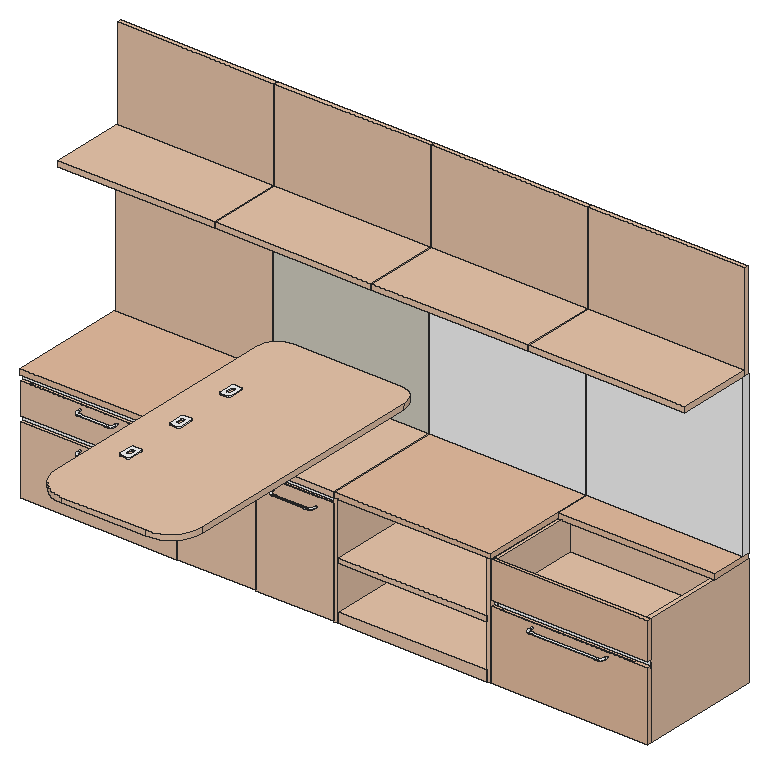
Revit family "OFS TYPICAL T100204", category Furniture, Revit 2022 (continued)
Definition of nested family "OFS ADLER  30.75H Laminate Low Height Wall Panel-AL-T30LWP"
  Dimensions and locks (in)
    aligned and locked: plane 7 to Extrusion 1
Definition of nested family "OFS ADLER 30.75H Upholstered Low Height Wall Panel-AL-U30LWP"
  Parameters (values of type "30.75H Upholstered Low Height Wall Panel")
    Depth = 0' - 1 1/4"
    URL = "http://ofs.com/"
    Model = "AL-U30LWP"
    Manufacturer = "OFS"
    Wall Panel [instance] = none
    Height = 2' - 6 3/4"
    Description = "OFS ADLER  30.75H Upholstered Low Height Wall Panel"
    Width [instance] = 2' - 0"
    Default Elevation = 0' - 0"
    Copyright © = "©OFS 2025"
    Catalog = ""
    Authoring Version = "Autodesk Revit 2018"
    Assembly Code = "E2020200"
  Reference planes (in)
    plane 1 "Center Front/Back": y = 0
    plane 2: z = 0
    plane 3 "Center Left/Right": x = 0
    plane 4: x = 12
    plane 5: x = -12
    plane 6: y = -1.25
    plane 7: z = 30.75
    plane 8 "1": y = -0.625
    plane 9: z = 13.7503
  Forms (in)
    Extrusion 1, solid, material <- "Wall Panel"
      sketch origin (0, 0, 0) x (1, 0, 0) y (0, 1, 0)
        loop
          line (-12, 0) -> (-12, -1.25) -> (12, -1.25) -> (12, 0) -> (-12, 0)
      from 0 to 30.75
  Dimensions and locks (in)
    equal spacing: plane 5, plane 3 "Center Left/Right", plane 4
    "Width": plane 5 to plane 4
    "Depth": plane 6 to plane 1 "Center Front/Back"
    "Height": plane 7 to level
    equal spacing: plane 1 "Center Front/Back", plane 8 "1", plane 6
    aligned and locked: level to plane 2
    aligned and locked: plane 1 "Center Front/Back" to Extrusion 1 sketch curve
    aligned and locked: plane 5 to Extrusion 1 sketch curve
    aligned and locked: plane 6 to Extrusion 1 sketch curve
    aligned and locked: plane 4 to Extrusion 1 sketch curve
    aligned and locked: Extrusion 1 to plane 2
    aligned and locked: plane 7 to Extrusion 1
Definition of nested family "OFS ADLER - Cantilever Shelf (laminate) - AL-TCS"
  Parameters (values of type "Cantilever Shelf (laminate) - 24")
    Top Thickness = 0' - 0 3/4"
    Shelves Thickness = 0' - 1"
    Depth = 1' - 3 1/8"
    URL = "http://ofs.com/"
    Model = "AL-TCS"
    Manufacturer = "OFS"
    Lateral Boards Thickness = 0' - 0 3/4"
    Default Elevation = 0' - 0"
    Chassis [instance] = none
    Height = 1' - 6 1/2"
    Door Thickness = 0' - 1"
    Description = "OFS ADLER 24\" Cantilever Shelf (laminate)"
    Width = 2' - 0"
    Copyright © = "©OFS 2025"
    Catalog = ""
    Bottom Height = 4' - 5 1/2"
    Backboard-Wall Gap = 0' - 0 1/16"
    Backboard Thickness = 0' - 0 3/4"
    Authoring Version = "Autodesk Revit 2022"
    Assembly Code = "E2020200"
  Types (8): name | Description | Width
    (no name) | "OFS ADLER 24\" Cantilever Shelf (laminate)" | 2' - 0"
    Cantilever Shelf (laminate) - 24 | "OFS ADLER 24\" Cantilever Shelf (laminate)" | 2' - 0"
    Cantilever Shelf (laminate) - 30 | "OFS ADLER 30\" Cantilever Shelf (laminate)" | 2' - 6"
    Cantilever Shelf (laminate) - 36 | "OFS ADLER 36\" Cantilever Shelf (laminate)" | 3' - 0"
    Cantilever Shelf (laminate) - 42 | "OFS ADLER 42\" Cantilever Shelf (laminate)" | 3' - 6"
    Cantilever Shelf (laminate) - 48 | "OFS ADLER 48\" Cantilever Shelf (laminate)" | 4' - 0"
    Cantilever Shelf (laminate) - 54 | "OFS ADLER 54\" Cantilever Shelf (laminate)" | 4' - 6"
    Cantilever Shelf (laminate) - 60 | "OFS ADLER 60\" Cantilever Shelf (laminate)" | 5' - 0"
  Reference planes (in)
    plane 1 "Center Front/Back": y = 0
    plane 2: z = 0
    plane 3 "Center Left/Right": x = 0
    plane 4: x = 12
    plane 5: x = -12
    plane 6: y = -15.125
    plane 7: z = 72
    plane 8 "1": x = -11.25
    plane 9: x = 11.25
    plane 10 "Center L/S": y = -0.8125
    plane 11 "Center L/T": y = -0.0625
    plane 12: y = -14.125
    plane 13: z = 71.9375
    plane 14: z = 71.1875
    plane 15: z = 53.5
    plane 16: z = 54.5
    plane 17: x = 11.9375
    plane 18: x = -11.9375
    plane 19 "2": x = 9
    plane 20 "3": x = -9
    plane 21: x = -6
    plane 22: x = 6
    plane 23 "6": x = 0.375
    plane 24 "7": x = -0.375
    plane 25: x = -6
    plane 26: x = 6
    plane 27 "8": x = -5.25
    plane 28: x = -5.9375
    plane 29 "9": x = -4
    plane 30 "10": x = -6.75
    plane 31: x = -6.0625
    plane 32 "11": x = -8
    plane 33 "12": x = 6.75
    plane 34: x = 6.0625
    plane 35 "13": x = 8
    plane 36 "14": x = 5.25
    plane 37: x = 5.9375
    plane 38 "15": x = 4
    plane 39 "16": x = -3
    plane 40 "17": x = 3
  Forms (in)
    Extrusion 1, solid, material <- "Chassis"
      sketch origin (-2, 0, 0) x (1, 0, 0) y (0, 1, 0)
        loop
          line (-10, -0.0625) -> (-10, -0.8125) -> (14, -0.8125) -> (14, -0.0625) -> (-10, -0.0625)
      from 53.5 to 72
    Extrusion 2, solid, material <- "Chassis"
      sketch origin (0, 0, 29) x (1, 0, 0) y (0, 1, 0)
        loop
          line (-12, -0.8125) -> (-12, -15.125) -> (12, -15.125) -> (12, -0.8125) -> (-12, -0.8125)
      from 24.5 to 25.5
  Dimensions and locks (in)
    "Width": plane 5 to plane 4
    "Depth": plane 6 to plane 1 "Center Front/Back"
    "Lateral Boards Thickness": plane 8 "1" to plane 5
    "Lateral Boards Thickness": plane 9 to plane 4
    "Backboard-Wall Gap": plane 1 "Center Front/Back" to plane 11 "Center L/T"
    "Backboard Thickness": plane 11 "Center L/T" to plane 10 "Center L/S"
    "Door Thickness": plane 12 to plane 6
    locked: plane 7 to plane 13 at 0.0625
    "Top Thickness": plane 13 to plane 14
    "Shelves Thickness": plane 16 to plane 15
    locked: plane 17 to plane 4 at 0.0625
    locked: plane 5 to plane 18 at 0.0625
    locked: plane 19 "2" to plane 4 at 3
    locked: plane 20 "3" to plane 5 at 3
    equal spacing: plane 4, plane 22, plane 3 "Center Left/Right"
    equal spacing: plane 3 "Center Left/Right", plane 21, plane 5
    plane 24 "7" to plane 3 "Center Left/Right" to plane 23 "6" = 0' - 0 3/8" locked, 0' - 0 3/8" locked
    plane 32 "11" to plane 30 "10" to plane 31 to plane 25 to plane 28 to plane 27 "8" to plane 29 "9" = 0' - 1 1/4" locked, 0' - 0 11/16" locked, 0' - 0 1/16" locked, 0' - 0 1/16" locked, 0' - 0 11/16" locked, 0' - 1 1/4" locked
    plane 38 "15" to plane 36 "14" to plane 37 to plane 26 to plane 34 to plane 33 "12" to plane 35 "13" = 0' - 1 1/4" locked, 0' - 0 11/16" locked, 0' - 0 1/16" locked, 0' - 0 1/16" locked, 0' - 0 11/16" locked, 0' - 1 1/4" locked
    equal spacing: plane 5, plane 3 "Center Left/Right", plane 4
    equal spacing: plane 5, plane 25, plane 3 "Center Left/Right"
    equal spacing: plane 3 "Center Left/Right", plane 26, plane 4
    plane 39 "16" to plane 3 "Center Left/Right" to plane 40 "17" = 0' - 3" locked, 0' - 3" locked
    "Height": plane 7 to plane 15
    "Bottom Height": plane 15 to level
    aligned and locked: level to plane 2
    aligned and locked: plane 10 "Center L/S" to Extrusion 1
    aligned and locked: Extrusion 1 to plane 11 "Center L/T"
    aligned and locked: Extrusion 2 to plane 16
    aligned and locked: plane 15 to Extrusion 2
    aligned and locked: plane 15 to Extrusion 1
    aligned and locked: Extrusion 2 to plane 5
    aligned and locked: Extrusion 2 to plane 4
    aligned and locked: Extrusion 1 to plane 4
    aligned and locked: Extrusion 1 to plane 5
    aligned and locked: Extrusion 2 to plane 6
    aligned and locked: plane 7 to Extrusion 1
  Automatic sketch dimensions
    Extrusion 1 sketch curve to plane 8 "1" = 0' - 0 3/4"
    Extrusion 1 sketch curve to plane 9 = 0' - 0 3/4"
    plane 10 "Center L/S" to Extrusion 1 sketch curve = 0' - 0"
    plane 11 "Center L/T" to Extrusion 1 sketch curve = 0' - 0"
    Extrusion 2 sketch curve to plane 8 "1" = 0' - 0 3/4"
    Extrusion 2 sketch curve to plane 9 = 0' - 0 3/4"
    plane 12 to Extrusion 2 sketch curve = 0' - 1"
    plane 10 "Center L/S" to Extrusion 2 sketch curve = 0' - 0"
Definition of nested family "OFS ADLER - 30D Height Adjustable Cantilever Desk - Left"
  Parameters (values of type "30D Height Adjustable Cantilever Desk Left 72W")
    Top Thickness [instance] = 0' - 1"
    Top Size = OFS ADLER - 30D Long Grain Soft Rectangle Worksurface Left - AL-T30LSRWSL : 30D Long Grain Soft Rectangle Worksurface 72
    Right Grommet Option [instance] = yes
    Pulls [instance] = none
    Left Grommet Option [instance] = yes
    Integrated Pull [instance] = no
    Grommet [instance] = none
    Doors [instance] = none
    Depth = 2' - 6"
    URL = "http://ofs.com/"
    Top [instance] = none
    Piston Hole Width = 0' - 8 1/2"
    Piston Hole Offset From Front = 0' - 2 9/16"
    Piston Hole Depth = 0' - 10 1/2"
    Piston Height [instance] = 2' - 3 5/16"
    Piston [instance] = none
    Model = "AL-T30HACDL"
    Manufacturer = "OFS"
    Lateral Boards Thickness = 0' - 0 3/4"
    Glides Side Offset = 0' - 1 3/4"
    Glides Front Offset = 0' - 1.25164"
    Glides Back Offset = 0' - 1.74836"
    Glides [instance] = none
    Default Elevation = 0' - 0"
    Chassis [instance] = none
    Height = 1' - 10 3/4"
    Frontboard Gap = 0' - 0 3/4"
    Description = "OFS ADLER 30\" Depth Height Adjustable Cantilever Desk Left"
    Width [instance] = 2' - 0"
    Copyright © = "©OFS 2025"
    Center Grommet Option [instance] = yes
    Catalog = ""
    Bottom Height = 0' - 0 1/2"
    Bottom Board Thickness = 0' - 2"
    All 4 Rounded Cornder [instance] = yes
    Aero Pull Option [instance] = yes
    Accent Rail [instance] = none
    Backboards Height = 1' - 0"
    Backboard-Wall Gap = 0' - 0 1/16"
    Backboard Thickness = 0' - 0 3/4"
    Authoring Version = "Autodesk Revit 2018"
    Assembly Code = "E2020200"
    Accent Rail Thickness = 0' - 0 1/16"
    Accent Rail Height = 0' - 1 1/2"
    Accent Rail Depth = 0' - 1 1/16"
    2 Outside Rounded Corners [instance] = no
  Types (4): name | Top Size | Integrated Pull | Backboards Height
    (no name) | OFS ADLER - 30D Long Grain Soft Rectangle Worksurface Left - AL-T30LSRWSL : 30D Long Grain Soft Rectangle Worksurface 72 | no | 1' - 0"
    30D Height Adjustable Cantilever Desk Left 60W | OFS ADLER - 30D Long Grain Soft Rectangle Worksurface Left - AL-T30LSRWSL : 30D Long Grain Soft Rectangle Worksurface 60 | yes | 0' - 5"
    30D Height Adjustable Cantilever Desk Left 66W | OFS ADLER - 30D Long Grain Soft Rectangle Worksurface Left - AL-T30LSRWSL : 30D Long Grain Soft Rectangle Worksurface 66 | yes | 0' - 5"
    30D Height Adjustable Cantilever Desk Left 72W | OFS ADLER - 30D Long Grain Soft Rectangle Worksurface Left - AL-T30LSRWSL : 30D Long Grain Soft Rectangle Worksurface 72 | no | 1' - 0"
  Reference planes (in)
    plane 1 "Center Front/Back": y = 0
    plane 2: z = 0
    plane 3 "Center Left/Right": x = 0
    plane 4: x = 15
    plane 5: x = -15
    plane 6: y = -24
    plane 7: z = 22.75
    plane 8: z = 0.5
    plane 9: z = 21.75
    plane 10: x = -14.25
    plane 11: x = 14.25
    plane 12 "Center L/S": y = -0.8125
    plane 13 "Center L/T": y = -0.0625
    plane 14: z = 2.5
    plane 15: z = 9.75
    plane 16: z = 14.5
    plane 17: y = -23.25
    plane 18: z = 20.25
    plane 19: y = -22.1875
    plane 20: y = -23.3125
    plane 21: y = -23.1875
    plane 22: z = 20.1875
    plane 23: z = 2.81546
    plane 24: z = 27.3125
    plane 25: z = 27.06447
    plane 26: x = 4.25
    plane 27: x = -4.25
    plane 28: y = -10.9375
    plane 29: y = -21.4375
    plane 30: x = 3.14961
    plane 31: x = -3.14961
    plane 32: y = -11.38435
    plane 33: y = -20.99065
    plane 34: y = -20.08395
    plane 35: y = -12.29122
    plane 36: x = -2.97126
    plane 37: x = 2.97126
    plane 38: x = 13.25
    plane 39: x = -13.25
    plane 40: y = -1.74836
    plane 41: y = -21.99836
    plane 42: z = 29.625
  Forms (in)
    Extrusion 1, solid, material <- "Chassis"
      sketch origin (0, 0, 0) x (1, 0, 0) y (0, 1, 0)
        loop
          line (-14.25, -0.8125) -> (-14.25, -23.25) -> (14.25, -23.25) -> (14.25, -0.8125) -> (-14.25, -0.8125)
      from 0.5 to 2.5
    Extrusion 2, solid, material <- "Chassis"
      sketch origin (0, 0, 0) x (1, 0, 0) y (0, 1, 0)
        loop
          line (-15, 0) -> (-15, -23.25) -> (-14.25, -23.25) -> (-14.25, 0) -> (-15, 0)
      from 0.5 to 21.75
    Extrusion 3, solid, material <- "Chassis"
      sketch origin (0, 0, 0) x (-1, 0, 0) y (0, -1, 0)
        loop
          line (-15, 0) -> (-14.25, 0) -> (-14.25, 23.25) -> (-15, 23.25) -> (-15, 0)
      from 0.5 to 21.75
    Extrusion 4, solid, material <- "Accent Rail"
      sketch origin (0, 0, 0) x (0, 1, 0) y (0, 0, 1)
        loop
          line (-23.18557, 20.1875) -> (-22.25, 20.1875) -> (-22.25, 20.25) -> (-23.18783, 20.25)
          arc (-23.18783, 20.25) -> (-23.23179, 20.26821) -> (-23.25, 20.31217) r 0.06217
          line (-23.25, 20.31217) -> (-23.25, 21.75) -> (-23.3125, 21.75) -> (-23.3125, 20.31443)
          arc (-23.3125, 20.31443) -> (-23.27532, 20.22468) -> (-23.18557, 20.1875) r 0.12693
      from -15 to 15
    Extrusion 5, solid, material <- "Chassis"
      sketch origin (0, 0, 0) x (0, 1, 0) y (0, 0, 1)
        loop
          line (-22.1875, 21.75) -> (-23.1875, 21.75) -> (-23.1875, 20.25) -> (-22.1875, 20.25) -> (-22.1875, 21.75)
      from -14.25 to 14.25
    Extrusion 6, solid, material <- "Chassis"
      sketch origin (0, 0, 0) x (1, 0, 0) y (0, 1, 0)
        loop
          line (-14.25, -0.0625) -> (-14.25, -0.8125) -> (14.25, -0.8125) -> (14.25, -0.0625) -> (-14.25, -0.0625)
      from 2.5 to 14.5
    Extrusion 7, solid, material <- "Top"
      sketch origin (0, 0, 0) x (1, 0, 0) y (0, 1, 0)
        loop
          line (-15, 0) -> (-15, -24) -> (15, -24) -> (15, 0) -> (-15, 0)
        loop
          arc (-3.75, -10.9375) -> (-4.10355, -11.08395) -> (-4.25, -11.4375) r 0.5
          line (-4.25, -11.4375) -> (-4.25, -20.9375)
          arc (-4.25, -20.9375) -> (-4.10355, -21.29105) -> (-3.75, -21.4375) r 0.5
          line (-3.75, -21.4375) -> (3.75, -21.4375)
          arc (3.75, -21.4375) -> (4.10355, -21.29105) -> (4.25, -20.9375) r 0.5
          line (4.25, -20.9375) -> (4.25, -11.4375)
          arc (4.25, -11.4375) -> (4.10355, -11.08395) -> (3.75, -10.9375) r 0.5
          line (3.75, -10.9375) -> (-3.75, -10.9375)
      from 21.75 to 22.75
    Extrusion 8, void
      sketch origin (0, 0, 0) x (1, 0, 0) y (0, 0, 1)
        loop
          line (13.75, 20.1875) -> (15, 20.1875) -> (15, 20.45312)
          arc (15, 20.45312) -> (14.96339, 20.36474) -> (14.875, 20.32812) r 0.125
          line (14.875, 20.32812) -> (13.75, 20.32812) -> (13.75, 20.1875)
        loop
          line (15, 21.75) -> (14.875, 21.75)
          arc (14.875, 21.75) -> (14.96339, 21.71339) -> (15, 21.625) r 0.125
          line (15, 21.625) -> (15, 21.75)
        loop
          line (-13.75, 20.1875) -> (-13.75, 20.32813) -> (-14.875, 20.32813)
          arc (-14.875, 20.32813) -> (-14.96339, 20.36474) -> (-15, 20.45312) r 0.125
          line (-15, 20.45312) -> (-15, 20.1875) -> (-13.75, 20.1875)
        loop
          line (-15, 21.75) -> (-15, 21.625)
          arc (-15, 21.625) -> (-14.96339, 21.71339) -> (-14.875, 21.75) r 0.125
          line (-14.875, 21.75) -> (-15, 21.75)
      from 22.1875 to 24
    Extrusion 9, solid, material <- "Piston"
      sketch origin (0, 0, 0) x (1, 0, 0) y (0, 1, 0)
        loop
          arc (-2.89961, -11.38435) -> (-3.07638, -11.45757) -> (-3.14961, -11.63435) r 0.25
          line (-3.14961, -11.63435) -> (-3.14961, -20.74065)
          arc (-3.14961, -20.74065) -> (-3.07638, -20.91743) -> (-2.89961, -20.99065) r 0.25
          line (-2.89961, -20.99065) -> (2.89961, -20.99065)
          arc (2.89961, -20.99065) -> (3.07638, -20.91743) -> (3.14961, -20.74065) r 0.25
          line (3.14961, -20.74065) -> (3.14961, -11.63435)
          arc (3.14961, -11.63435) -> (3.07638, -11.45757) -> (2.89961, -11.38435) r 0.25
          line (2.89961, -11.38435) -> (-2.89961, -11.38435)
      from 2.81546 to 2.5
    Extrusion 10, solid, material <- "Piston"
      sketch origin (0, 0, 0) x (1, 0, 0) y (0, 1, 0)
        loop
          arc (-2.72126, -12.29122) -> (-2.89803, -12.36444) -> (-2.97126, -12.54122) r 0.25
          line (-2.97126, -12.54122) -> (-2.97126, -15.56932) -> (-2.87402, -15.56932) -> (-2.87402, -16.80585) -> (-2.97126, -16.80585) -> (-2.97126, -19.83395)
          arc (-2.97126, -19.83395) -> (-2.89803, -20.01073) -> (-2.72126, -20.08395) r 0.25
          line (-2.72126, -20.08395) -> (-0.61827, -20.08395) -> (-0.61827, -19.98671) -> (0.61827, -19.98671) -> (0.61827, -20.08395) -> (2.72126, -20.08395)
          arc (2.72126, -20.08395) -> (2.89803, -20.01073) -> (2.97126, -19.83395) r 0.25
          line (2.97126, -19.83395) -> (2.97126, -16.80585) -> (2.87402, -16.80585) -> (2.87402, -15.56932) -> (2.97126, -15.56932) -> (2.97126, -12.54122)
          arc (2.97126, -12.54122) -> (2.89803, -12.36444) -> (2.72126, -12.29122) r 0.25
          line (2.72126, -12.29122) -> (0.61827, -12.29122) -> (0.61827, -12.38846) -> (-0.61827, -12.38846) -> (-0.61827, -12.29122) -> (-2.72126, -12.29122)
      from 2.81546 to 27.06447
    Extrusion 11, solid, material <- "Piston"
      sketch origin (0, 0, 0) x (1, 0, 0) y (0, 1, 0)
        loop
          arc (-2.72126, -12.29122) -> (-2.89803, -12.36444) -> (-2.97126, -12.54122) r 0.25
          line (-2.97126, -12.54122) -> (-2.97126, -19.83395)
          arc (-2.97126, -19.83395) -> (-2.89803, -20.01073) -> (-2.72126, -20.08395) r 0.25
          line (-2.72126, -20.08395) -> (2.72126, -20.08395)
          arc (2.72126, -20.08395) -> (2.89803, -20.01073) -> (2.97126, -19.83395) r 0.25
          line (2.97126, -19.83395) -> (2.97126, -12.54122)
          arc (2.97126, -12.54122) -> (2.89803, -12.36444) -> (2.72126, -12.29122) r 0.25
          line (2.72126, -12.29122) -> (-2.72126, -12.29122)
      from 27.06447 to 27.3125
    Extrusion 12, solid, material <- "Doors", visible <- "Aero Pull Option"
      sketch origin (0, 0, 0) x (1, 0, 0) y (0, 0, 1)
        loop
          line (-14.9375, 20.76556) -> (-14.9375, 0.625) -> (-0.0625, 0.625) -> (-0.0625, 20.76556) -> (-14.9375, 20.76556)
        loop
          line (14.9375, 20.76556) -> (0.0625, 20.76556) -> (0.0625, 0.625) -> (14.9375, 0.625) -> (14.9375, 20.76556)
      from 23.3125 to 24
    Sweep 13, solid, material <- "Pulls", visible <- "Aero Pull Option"
      path origin (0, 0, 0) x (1, 0, 0) y (0, 1, 0)
        loop
          line (-11.625, -24) -> (-11.625, -24.25)
          arc (-11.625, -24.25) -> (-11.3321, -24.95711) -> (-10.625, -25.25) r 1
          line (-10.625, -25.25) -> (-4.375, -25.25)
          arc (-4.375, -25.25) -> (-3.66789, -24.95711) -> (-3.375, -24.25) r 1
          line (-3.375, -24.25) -> (-3.375, -24)
      profile origin (-11.625, -24.125, 0) x (1, 0, 0) y (0, 0, 1)
        loop
          circle (0, 19) r 0.125
    Sweep 14, solid, material <- "Pulls", visible <- "Aero Pull Option"
      path origin (0, 0, 19) x (-1, 0, 0) y (0, -1, 0)
        loop
          line (-11.625, 24) -> (-11.625, 24.25)
          arc (-11.625, 24.25) -> (-11.3321, 24.95711) -> (-10.625, 25.25) r 1
          line (-10.625, 25.25) -> (-4.375, 25.25)
          arc (-4.375, 25.25) -> (-3.66789, 24.95711) -> (-3.375, 24.25) r 1
          line (-3.375, 24.25) -> (-3.375, 24)
      profile origin (11.625, -24.125, 19) x (1, 0, 0) y (0, 0, 1)
        loop
          circle (0, 0) r 0.125
    Extrusion 15, solid, material <- "Doors", visible <- "Integrated Pull"
      sketch origin (0, 0, 0) x (0, 1, 0) y (0, 0, -1)
        loop
          line (-24, -0.625) -> (-24, -20.76556) -> (-23.85187, -20.76556) -> (-23.3125, -20.45312) -> (-23.3125, -0.625) -> (-24, -0.625)
      from 0.0625 to 14.9375
    Extrusion 16, solid, material <- "Doors", visible <- "Integrated Pull"
      sketch origin (0, 0, 0) x (0, 1, 0) y (0, 0, 1)
        loop
          line (-24, 0.625) -> (-23.3125, 0.625) -> (-23.3125, 20.45312) -> (-23.85187, 20.76556) -> (-24, 20.76556) -> (-24, 0.625)
      from 0.0625 to 14.9375
  Cuts and joins
    Extrusion 8 cuts Extrusion 4
  Dimensions and locks (in)
    equal spacing: plane 5, plane 3 "Center Left/Right", plane 4
    "Depth": plane 5 to plane 4
    "Width": plane 6 to plane 1 "Center Front/Back"
    "Height": plane 7 to level
    "Bottom Height": plane 8 to level
    "Top Thickness": plane 7 to plane 9
    "Lateral Boards Thickness": plane 10 to plane 5
    "Lateral Boards Thickness": plane 11 to plane 4
    "Backboard-Wall Gap": plane 1 "Center Front/Back" to plane 13 "Center L/T"
    "Backboard Thickness": plane 13 "Center L/T" to plane 12 "Center L/S"
    "Bottom Board Thickness": plane 14 to plane 8
    "Backboards Height": plane 9 to plane 15
    "Backboards Height": plane 16 to plane 14
    "Frontboard Gap": plane 17 to plane 6
    "Accent Rail Height": plane 9 to plane 18
    "Accent Rail Depth": plane 19 to plane 17
    "Accent Rail Thickness": plane 17 to plane 20
    "Accent Rail Thickness": plane 21 to plane 17
    "Accent Rail Thickness": plane 18 to plane 22
    locked: plane 23 to plane 14 at 0.31546
    "Piston Height": plane 24 to level
    plane 42 to plane 24 to plane 25 = 0' - 2 5/16" locked, 0' - 0.24803" locked
    equal spacing: plane 27, plane 3 "Center Left/Right", plane 26
    "Piston Hole Width": plane 27 to plane 26
    "Piston Hole Depth": plane 28 to plane 29
    "Piston Hole Offset From Front": plane 29 to plane 6
    plane 28 to plane 32 to plane 35 = 0' - 0.44685" locked, 0' - 0.90687" locked
    plane 34 to plane 33 to plane 29 = 0' - 0.9067" locked, 0' - 0.44685" locked
    locked: plane 31 to plane 36 at 0.17835
    locked: plane 37 to plane 30 at 0.17835
    "Glides Side Offset": plane 38 to plane 4
    "Glides Side Offset": plane 39 to plane 5
    "Glides Back Offset": plane 40 to plane 1 "Center Front/Back"
    "Glides Front Offset": plane 17 to plane 41
    aligned and locked: level to plane 2
    aligned and locked: plane 10 to Extrusion 1 sketch curve
    aligned and locked: plane 11 to Extrusion 1 sketch curve
    aligned and locked: plane 12 "Center L/S" to Extrusion 1 sketch curve
    aligned and locked: plane 17 to Extrusion 1
    aligned and locked: Extrusion 2 sketch curve to plane 17
    aligned and locked: Extrusion 2 sketch curve to plane 10
    aligned and locked: plane 5 to Extrusion 2 sketch curve
    aligned and locked: plane 1 "Center Front/Back" to Extrusion 2 sketch curve
    aligned and locked: Extrusion 2 to plane 8
    aligned and locked: plane 9 to Extrusion 2
    aligned and locked: plane 9 to Extrusion 3
    aligned and locked: plane 11 to Extrusion 3
    aligned and locked: Extrusion 3 to plane 4
    aligned and locked: Extrusion 3 to plane 8
    aligned and locked: Extrusion 3 to plane 1 "Center Front/Back"
    aligned and locked: plane 17 to Extrusion 3
    aligned and locked: plane 18 to Extrusion 4
    aligned and locked: Extrusion 4 to plane 22
    aligned and locked: plane 20 to Extrusion 4
    aligned and locked: Extrusion 4 to plane 17
    aligned and locked: plane 18 to Extrusion 5 sketch curve
    aligned and locked: plane 19 to Extrusion 5 sketch curve
    aligned and locked: Extrusion 5 sketch curve to plane 9
    aligned and locked: Extrusion 5 sketch curve to plane 21
    aligned and locked: Extrusion 5 to plane 11
    aligned and locked: Extrusion 5 to plane 10
    aligned and locked: Extrusion 4 to plane 4
    aligned and locked: Extrusion 4 to plane 5
    aligned and locked: plane 13 "Center L/T" to Extrusion 6 sketch curve
    aligned and locked: Extrusion 6 sketch curve to plane 12 "Center L/S"
    aligned and locked: plane 11 to Extrusion 6 sketch curve
    aligned and locked: plane 10 to Extrusion 6 sketch curve
    aligned and locked: Extrusion 6 to plane 14
    aligned and locked: plane 16 to Extrusion 6
    aligned and locked: plane 6 to Extrusion 7 sketch curve
    aligned and locked: plane 1 "Center Front/Back" to Extrusion 7 sketch curve
    aligned and locked: plane 4 to Extrusion 7 sketch curve
    aligned and locked: plane 5 to Extrusion 7 sketch curve
    aligned and locked: Extrusion 7 to plane 9
    aligned and locked: plane 7 to Extrusion 7
    aligned and locked: plane 14 to Extrusion 1
    aligned and locked: Extrusion 7 sketch curve to plane 27
    aligned and locked: Extrusion 7 sketch curve to plane 26
    aligned and locked: Extrusion 7 sketch curve to plane 28
    aligned and locked: plane 29 to Extrusion 7 sketch curve
    aligned and locked: Extrusion 8 to plane 6
    aligned and locked: Extrusion 8 to plane 19
    aligned and locked: Extrusion 9 sketch curve to plane 32
    aligned and locked: plane 33 to Extrusion 9 sketch curve
    aligned and locked: Extrusion 9 sketch curve to plane 30
    aligned and locked: Extrusion 9 sketch curve to plane 31
    aligned and locked: Extrusion 10 sketch curve to plane 35
    aligned and locked: plane 36 to Extrusion 10 sketch curve
    aligned and locked: Extrusion 10 sketch curve to plane 34
    aligned and locked: Extrusion 10 sketch curve to plane 37
    aligned and locked: Extrusion 9 to plane 23
    aligned and locked: Extrusion 9 to plane 14
    aligned and locked: Extrusion 10 to plane 23
    aligned and locked: plane 25 to Extrusion 10
    aligned and locked: plane 35 to Extrusion 11
    aligned and locked: Extrusion 11 to plane 34
    aligned and locked: plane 37 to Extrusion 11
    aligned and locked: plane 36 to Extrusion 11
    aligned and locked: plane 24 to Extrusion 11
    aligned and locked: Extrusion 11 to plane 25
    aligned and locked: plane 41 to nested 4
    aligned and locked: nested 3 to plane 41
    aligned and locked: nested 1 to plane 40
    aligned and locked: plane 40 to nested 2
    aligned and locked: nested 2 to plane 38
    aligned and locked: nested 4 to plane 38
    aligned and locked: plane 39 to nested 1
    aligned and locked: plane 39 to nested 3
    aligned and locked: plane 42 to nested 5
  Automatic sketch dimensions
    plane 17 to Extrusion 1 sketch curve = 0' - 0"
    Extrusion 3 sketch curve to plane 4 = 0' - 0"
    Extrusion 3 sketch curve to plane 11 = 0' - 0"
    plane 17 to Extrusion 3 sketch curve = 0' - 0"
    plane 1 "Center Front/Back" to Extrusion 3 sketch curve = 0' - 0"
    Extrusion 4 sketch curve to plane 20 = 0' - 0"
    Extrusion 4 sketch curve to plane 9 = 0' - 0"
    Extrusion 4 sketch curve to plane 17 = 0' - 0"
    Extrusion 4 sketch curve to plane 18 = 0' - 0"
    Extrusion 4 sketch curve to plane 22 = 0' - 0"
    plane 21 to Extrusion 4 sketch curve = 0' - 0.00033"
    Extrusion 4 sketch curve to plane 21 = 0' - 0.00193"
    plane 19 to Extrusion 4 sketch curve = 0' - 0 1/16"
    Extrusion 7 sketch curve to plane 27 = 0' - 0 1/2"
    plane 33 to Extrusion 7 sketch curve = 0' - 0.05315"
    Extrusion 7 sketch curve to plane 26 = 0' - 0 1/2"  (x2)
    Extrusion 8 sketch curve to plane 5 = 0' - 0"  (x4)
    Extrusion 8 sketch curve to plane 9 = 0' - 0"  (x2)
    Extrusion 8 sketch curve to plane 22 = 0' - 0"  (x2)
    plane 4 to Extrusion 8 sketch curve = 0' - 0"  (x4)
    Extrusion 8 sketch curve to Extrusion 8 sketch curve = 0' - 0 1/8"  (x3)
    plane 10 to Extrusion 8 sketch curve = 0' - 0 1/2"
    plane 11 to Extrusion 8 sketch curve = 0' - 0 1/2"
    plane 18 to Extrusion 8 sketch curve = 0' - 0 5/64"  (x2)
    plane 4 to Extrusion 8 sketch curve = 0' - 0 1/8"
    Extrusion 8 sketch curve to Extrusion 8 sketch curve = 0' - 0"  (x4)
    Extrusion 9 sketch curve to plane 36 = 0' - 0.07165"  (x2)
    Extrusion 9 sketch curve to plane 37 = 0' - 0.07165"  (x2)
    Extrusion 10 sketch curve to plane 36 = 0' - 0"
    Extrusion 10 sketch curve to plane 35 = 0' - 0"
    Extrusion 10 sketch curve to plane 34 = 0' - 0"
    Extrusion 10 sketch curve to plane 37 = 0' - 0"
    Extrusion 10 sketch curve to plane 36 = 0' - 0.09724"
    Extrusion 10 sketch curve to plane 36 = 0' - 0 1/4"
    Extrusion 10 sketch curve to plane 35 = 0' - 0 1/4"
    Extrusion 10 sketch curve to plane 3 "Center Left/Right" = 0' - 0.61827"  (x2)
    plane 3 "Center Left/Right" to Extrusion 10 sketch curve = 0' - 0.61827"  (x2)
    plane 34 to Extrusion 10 sketch curve = 0' - 0.09724"
    Extrusion 10 sketch curve to plane 37 = 0' - 0 1/4"  (x2)
    Extrusion 10 sketch curve to plane 37 = 0' - 0.09724"
    Extrusion 10 sketch curve to Extrusion 10 sketch curve = 0' - 3.0281"  (x2)
    Extrusion 10 sketch curve to Extrusion 10 sketch curve = 0' - 1.23653"  (x2)
    Extrusion 10 sketch curve to Extrusion 10 sketch curve = 0' - 0.09724"
    Extrusion 11 sketch curve to plane 36 = 0' - 0"
    Extrusion 11 sketch curve to plane 34 = 0' - 0"
    Extrusion 11 sketch curve to plane 35 = 0' - 0"
    Extrusion 11 sketch curve to plane 37 = 0' - 0"
    Extrusion 11 sketch curve to plane 36 = 0' - 0 1/4"
    Extrusion 11 sketch curve to Extrusion 11 sketch curve = 0' - 0 1/4"  (x2)
    Extrusion 11 sketch curve to plane 37 = 0' - 0 1/4"
    plane 5 to Extrusion 12 sketch curve = 0' - 0 1/16"
    Extrusion 12 sketch curve to plane 3 "Center Left/Right" = 0' - 0 1/16"
    plane 3 "Center Left/Right" to Extrusion 12 sketch curve = 0' - 0 1/16"
    plane 4 to Extrusion 12 sketch curve = 0' - 0 1/16"
    plane 8 to Extrusion 12 sketch curve = 0' - 0 1/8"  (x2)
    plane 18 to Extrusion 12 sketch curve = 0' - 0.51556"  (x2)
    Sweep 13 sketch curve to plane 6 = 0' - 0"  (x2)
    Sweep 13 sketch curve to plane 6 = 0' - 0 1/4"
    plane 39 to Sweep 13 sketch curve = 0' - 1 5/8"
    Sweep 13 sketch curve to Sweep 13 sketch curve = 0' - 1"
    plane 27 to Sweep 13 sketch curve = 0' - 0 1/8"
    plane 31 to Sweep 13 sketch curve = 0' - 0.22539"
    profile plane to Sweep 13 sketch curve = 0' - 0"
    level to Sweep 13 sketch curve = 1' - 7"
    Sweep 14 sketch curve to plane 6 = 0' - 0"  (x2)
    Sweep 14 sketch curve to plane 6 = 0' - 0 1/4"
    plane 38 to Sweep 14 sketch curve = 0' - 1 5/8"
    Sweep 14 sketch curve to Sweep 14 sketch curve = 0' - 1"
    plane 26 to Sweep 14 sketch curve = 0' - 0 1/8"
    plane 30 to Sweep 14 sketch curve = 0' - 0.22539"
    profile plane to Sweep 14 sketch curve = 0' - 0"
    Sweep 14 sketch curve to profile plane = 0' - 0"
    Extrusion 15 sketch curve to plane 6 = 0' - 0"
    Extrusion 15 sketch curve to plane 20 = 0' - 0"
    plane 6 to Extrusion 15 sketch curve = 0' - 0.14813"
    plane 18 to Extrusion 15 sketch curve = 0' - 0.51556"
    plane 18 to Extrusion 15 sketch curve = 0' - 0 13/64"
    plane 8 to Extrusion 15 sketch curve = 0' - 0 1/8"
    Extrusion 16 sketch curve to plane 6 = 0' - 0"
    Extrusion 16 sketch curve to plane 20 = 0' - 0"
    plane 6 to Extrusion 16 sketch curve = 0' - 0.14813"
    plane 8 to Extrusion 16 sketch curve = 0' - 0 1/8"
    plane 18 to Extrusion 16 sketch curve = 0' - 0 13/64"
    plane 18 to Extrusion 16 sketch curve = 0' - 0.51556"
    radius of Sweep 13 sketch curve = 0' - 0 1/8"
    radius of Sweep 14 sketch curve = 0' - 0 1/8"
  Nested families (in)
    nested 1: "Glides" at (-13.25, -1.74836, 0), Material <- "Glides", type "Glides"
      with Material none
    nested 2: "Glides" at (13.25, -1.74836, 0) x (-1, 0, 0) z (0, 0, 1), Material <- "Glides", type "Glides"
      with Material none
    nested 3: "Glides" at (-13.25, -21.99836, 0), Material <- "Glides", type "Glides"
      with Material none
    nested 4: "Glides" at (13.25, -21.99836, 0) x (-1, 0, 0) z (0, 0, 1), Material <- "Glides", type "Glides"
      with Material none
    nested 5: "OFS ADLER - 30D Long Grain Soft Rectangle Worksurface Left - AL-T30LSRWSL" at (-14, -31.24836, 6.875) x (0, 1, 0) z (0, 0, 1), Center Grommet <- "Center Grommet Option", Left Grommet <- "Left Grommet Option", Right Grommet <- "Right Grommet Option", Top <- "Top", Structure <- "Piston", Grommet <- "Grommet", type <- "Top Size", type "30D Long Grain Soft Rectangle Worksurface 72"
      with Top none, Structure none, Right Grommet yes, Left Grommet yes, Grommet none, Center Grommet yes
  Definition of nested family "Glides"
    Parameters (values of type "Family1")
      Material [instance] = none
      Default Elevation = 0' - 0"
    Reference planes (in)
      plane 1 "Center (Front/Back)": y = 0
      plane 2: z = 0
      plane 3 "Center (Left/Right)": x = 0
    Forms (in)
      Revolve 1, solid, material <- "Material"
        sketch origin (-13.25, 0, 0) x (-1, 0, 0) y (0, 0, -1)
          loop
            line (-13.25, -0.5) -> (-13.25, 0) -> (-13.47776, 0)
            arc (-13.47776, 0) -> (-13.62298, -0.11756) -> (-13.53824, -0.28409) r 0.14848
            line (-13.53824, -0.28409) -> (-13.53824, -0.45) -> (-13.37499, -0.45) -> (-13.37499, -0.5) -> (-13.25, -0.5)
          axis (-13.25, 0) -> (-13.25, -0.5)
        angle from 0 to 360
    Dimensions and locks (in)
      aligned and locked: plane 2 to level
  Definition of nested family "OFS ADLER - 30D Long Grain Soft Rectangle Worksurface Left - AL-T30LSRWSL"
    Parameters (values of type "30D Long Grain Soft Rectangle Worksurface 60")
      Top Thickness = 0' - 1"
      Width = 4' - 10"
      URL = "http://ofs.com/"
      Top [instance] = none
      Structure [instance] = none
      Right Grommet [instance] = yes
      Model = "AL-T6030LSRWSL"
      Manufacturer = "OFS"
      Left Grommet [instance] = yes
      Grommet [instance] = none
      Default Elevation = 0' - 0"
      Height = 1' - 10 3/4"
      Description = "OFS ADLER 30D Long Grain Soft Rectangle Worksurface 60"
      Depth = 2' - 4"
      Copyright © = "©OFS 2025"
      Center Grommet [instance] = yes
      Catalog = ""
      Authoring Version = "Autodesk Revit 2022"
      Assembly Code = "E2020200"
      4 Rounded Corners = yes
      2 Rounded Corner = no
    Types (3): name | Width
      30D Long Grain Soft Rectangle Worksurface 60 | 4' - 10"
      30D Long Grain Soft Rectangle Worksurface 66 | 5' - 4"
      30D Long Grain Soft Rectangle Worksurface 72 | 5' - 10"
    Reference planes (in)
      plane 1 "Center Front/Back": y = 0
      plane 2: z = 0
      plane 3 "Center Left/Right": x = 0
      plane 4: x = 29
      plane 5: x = -29
      plane 6: y = -28
      plane 7: z = 22.75
      plane 8: z = 21.75
      plane 9: x = -23.25015
      plane 10: x = -21.75015
      plane 11: x = 25.50015
      plane 12: x = 24.00015
      plane 13: y = -8.49699
      plane 14: y = -9.99699
      plane 15: y = -19.50301
      plane 16: y = -18.00301
      plane 17: x = 8.75015
      plane 18: x = 7.25015
      plane 19: x = 13.68755
      plane 20: x = 10.31245
      plane 21: x = -13.68755
      plane 22: x = -10.31245
      plane 23: x = 21.5636
    Forms (in)
      Extrusion 1, solid, material <- "Top", visible <- "2 Rounded Corner"
        sketch origin (0, 0, 0) x (1, 0, 0) y (0, 1, 0)
          loop
            arc (-23, 0) -> (-27.24264, -1.75736) -> (-29, -6) r 6
            line (-29, -6) -> (-29, -22)
            arc (-29, -22) -> (-27.24264, -26.24264) -> (-23, -28) r 6
            line (-23, -28) -> (29, -28) -> (29, 0) -> (-23, 0)
        from 21.75 to 22.75
      Extrusion 2, solid, material <- "Top", visible <- "4 Rounded Corners"
        sketch origin (0, 0, 0) x (1, 0, 0) y (0, 1, 0)
          loop
            arc (-23, 0) -> (-27.24264, -1.75736) -> (-29, -6) r 6
            line (-29, -6) -> (-29, -22)
            arc (-29, -22) -> (-27.24264, -26.24264) -> (-23, -28) r 6
            line (-23, -28) -> (25.25, -28)
            arc (25.25, -28) -> (27.90165, -26.90165) -> (29, -24.25) r 3.75
            line (29, -24.25) -> (29, -3.75)
            arc (29, -3.75) -> (27.90165, -1.09835) -> (25.25, 0) r 3.75
            line (25.25, 0) -> (-23, 0)
        from 21.75 to 22.75
      Extrusion 3, solid, material <- "Structure"
        sketch origin (0, 0, 0) x (1, 0, 0) y (0, 0, 1)
          loop
            line (-23.25015, 20.25) -> (-21.75015, 20.25) -> (-21.75015, 21.75) -> (-23.25015, 21.75) -> (-23.25015, 20.25)
          loop
            line (-21.87515, 21.625) -> (-23.12515, 21.625) -> (-23.12515, 20.375) -> (-21.87515, 20.375) -> (-21.87515, 21.625)
        from 8.49699 to 19.50301
      Extrusion 4, solid, material <- "Structure"
        sketch origin (0, 0, 0) x (-1, 0, 0) y (0, 0, -1)
          loop
            line (-25.50015, -20.25) -> (-25.50015, -21.75) -> (-24.00015, -21.75) -> (-24.00015, -20.25) -> (-25.50015, -20.25)
          loop
            line (-24.12515, -21.625) -> (-24.12515, -20.375) -> (-25.37515, -20.375) -> (-25.37515, -21.625) -> (-24.12515, -21.625)
        from 8.49699 to 19.50301
      Extrusion 5, solid, material <- "Structure"
        sketch origin (0, 0, 0) x (0, 1, 0) y (0, 0, 1)
          loop
            line (-8.49699, 21.75) -> (-9.99699, 21.75) -> (-9.99699, 20.25) -> (-8.49699, 20.25) -> (-8.49699, 21.75)
          loop
            line (-9.87199, 20.375) -> (-8.62199, 20.375) -> (-8.62199, 21.625) -> (-9.87199, 21.625) -> (-9.87199, 20.375)
        from -21.75015 to 24.00015
      Extrusion 6, solid, material <- "Structure"
        sketch origin (0, -28, 0) x (0, -1, 0) y (0, 0, -1)
          loop
            line (-8.49699, -21.75) -> (-8.49699, -20.25) -> (-9.99699, -20.25) -> (-9.99699, -21.75) -> (-8.49699, -21.75)
          loop
            line (-9.87199, -20.375) -> (-9.87199, -21.625) -> (-8.62199, -21.625) -> (-8.62199, -20.375) -> (-9.87199, -20.375)
        from -21.75015 to 24.00015
      Extrusion 7, solid, material <- "Structure"
        sketch origin (-16.75, 0, 0) x (-1, 0, 0) y (0, 0, -1)
          loop
            line (-25.50015, -20.25) -> (-25.50015, -21.75) -> (-24.00015, -21.75) -> (-24.00015, -20.25) -> (-25.50015, -20.25)
          loop
            line (-24.12515, -21.625) -> (-24.12515, -20.375) -> (-25.37515, -20.375) -> (-25.37515, -21.625) -> (-24.12515, -21.625)
        from 8.49699 to 19.50301
      Extrusion 8, solid, material <- "Structure"
        sketch origin (0, 0, 0) x (0, 1, 0) y (0, 0, 1)
          loop
            arc (-4.24881, 19.5599) -> (-4.2944, 19.5137) -> (-4.35721, 19.4973) r 0.12245
            line (-4.35721, 19.4973) -> (-6.60722, 19.4973)
            arc (-6.60722, 19.4973) -> (-6.69575, 19.53397) -> (-6.73242, 19.6225) r 0.1252
            line (-6.73242, 19.6225) -> (-6.73242, 19.7473) -> (-6.79221, 19.7473) -> (-6.79221, 19.6225)
            arc (-6.79221, 19.6225) -> (-6.73803, 19.49169) -> (-6.60722, 19.4375) r 0.185
            line (-6.60722, 19.4375) -> (-4.35721, 19.4375)
            arc (-4.35721, 19.4375) -> (-4.26439, 19.46173) -> (-4.19701, 19.53) r 0.18094
            line (-4.19701, 19.53) -> (-3.022, 21.62768)
            arc (-3.022, 21.62768) -> (-2.97625, 21.6735) -> (-2.9137, 21.69027) r 0.12498
            line (-2.9137, 21.69027) -> (-2.375, 21.69027) -> (-2.375, 21.75) -> (-2.91943, 21.75)
            arc (-2.91943, 21.75) -> (-3.00893, 21.72442) -> (-3.0738, 21.65768) r 0.18062
            line (-3.0738, 21.65768) -> (-4.24881, 19.5599)
        from -21.75015 to 21.5636
      Extrusion 9, solid, material <- "Structure"
        sketch origin (0, -28, 0) x (0, -1, 0) y (0, 0, -1)
          loop
            arc (-9.74707, -20.12515) -> (-9.83545, -20.08853) -> (-9.87207, -20.00015) r 0.125
            line (-9.87207, -20.00015) -> (-9.87207, -19.87514) -> (-9.99699, -19.87514) -> (-9.99699, -20)
            arc (-9.99699, -20) -> (-9.92377, -20.17678) -> (-9.74699, -20.25) r 0.25
            line (-9.74699, -20.25) -> (-8.49705, -20.25) -> (-8.49705, -20.12515) -> (-9.74707, -20.12515)
        from 10.06771 to 19.8096
      Extrusion 10, solid, material <- "Structure"
        sketch origin (0, 0, 0) x (0, 1, 0) y (0, 0, 1)
          loop
            line (-9.74707, 20.12515) -> (-8.49705, 20.12515) -> (-8.49705, 20.25) -> (-9.74699, 20.25)
            arc (-9.74699, 20.25) -> (-9.92377, 20.17678) -> (-9.99699, 20) r 0.25
            line (-9.99699, 20) -> (-9.99699, 19.87514) -> (-9.87207, 19.87514) -> (-9.87207, 20.00015)
            arc (-9.87207, 20.00015) -> (-9.83545, 20.08853) -> (-9.74707, 20.12515) r 0.125
        from 10.06771 to 19.8096
      Extrusion 11, solid, material <- "Grommet", visible <- "Center Grommet"
        sketch origin (-30.98791, 3.50004, 0) x (0, 1, 0) y (-1, 0, 0)
          loop
            arc (-10.00004, -32.23796) -> (-9.8719, -32.54732) -> (-9.56254, -32.67546) r 0.4375
            line (-9.56254, -32.67546) -> (-8.43754, -32.67546)
            arc (-8.43754, -32.67546) -> (-8.12818, -32.54732) -> (-8.00004, -32.23796) r 0.4375
            line (-8.00004, -32.23796) -> (-8.00004, -29.73785)
            arc (-8.00004, -29.73785) -> (-8.12818, -29.42849) -> (-8.43754, -29.30035) r 0.4375
            line (-8.43754, -29.30035) -> (-9.56254, -29.30035)
            arc (-9.56254, -29.30035) -> (-9.8719, -29.4285) -> (-10.00004, -29.73786) r 0.4375
            line (-10.00004, -29.73786) -> (-10.00004, -32.23796)
          loop
            line (-8.87504, -30.29535) -> (-9.12504, -30.29535)
            arc (-9.12504, -30.29535) -> (-9.30535, -30.37004) -> (-9.38004, -30.55035) r 0.255
            line (-9.38004, -30.55035) -> (-9.38004, -31.42546)
            arc (-9.38004, -31.42546) -> (-9.30535, -31.60578) -> (-9.12504, -31.68046) r 0.255
            line (-9.12504, -31.68046) -> (-8.87504, -31.68046)
            arc (-8.87504, -31.68046) -> (-8.69473, -31.60578) -> (-8.62004, -31.42546) r 0.255
            line (-8.62004, -31.42546) -> (-8.62004, -30.55035)
            arc (-8.62004, -30.55035) -> (-8.69473, -30.37004) -> (-8.87504, -30.29535) r 0.255
        from 22.75 to 22.875
      Extrusion 12, solid, material <- "Grommet", visible <- "Left Grommet"
        sketch origin (18.98791, 3.50004, 0) x (0, 1, 0) y (-1, 0, 0)
          loop
            line (-10.00004, 32.23796) -> (-10.00004, 29.73786)
            arc (-10.00004, 29.73786) -> (-9.8719, 29.4285) -> (-9.56254, 29.30035) r 0.4375
            line (-9.56254, 29.30035) -> (-8.43754, 29.30035)
            arc (-8.43754, 29.30035) -> (-8.12818, 29.42849) -> (-8.00004, 29.73785) r 0.4375
            line (-8.00004, 29.73785) -> (-8.00004, 32.23796)
            arc (-8.00004, 32.23796) -> (-8.12818, 32.54732) -> (-8.43754, 32.67546) r 0.4375
            line (-8.43754, 32.67546) -> (-9.56254, 32.67546)
            arc (-9.56254, 32.67546) -> (-9.8719, 32.54732) -> (-10.00004, 32.23796) r 0.4375
          loop
            arc (-8.87504, 30.29535) -> (-8.69473, 30.37004) -> (-8.62004, 30.55035) r 0.255
            line (-8.62004, 30.55035) -> (-8.62004, 31.42546)
            arc (-8.62004, 31.42546) -> (-8.69473, 31.60578) -> (-8.87504, 31.68046) r 0.255
            line (-8.87504, 31.68046) -> (-9.12504, 31.68046)
            arc (-9.12504, 31.68046) -> (-9.30535, 31.60578) -> (-9.38004, 31.42546) r 0.255
            line (-9.38004, 31.42546) -> (-9.38004, 30.55035)
            arc (-9.38004, 30.55035) -> (-9.30535, 30.37004) -> (-9.12504, 30.29535) r 0.255
            line (-9.12504, 30.29535) -> (-8.87504, 30.29535)
        from 22.75 to 22.875
      Extrusion 13, solid, material <- "Grommet", visible <- "Right Grommet"
        sketch origin (-24.98791, 3.50004, 0) x (0, 1, 0) y (-1, 0, 0)
          loop
            arc (-10.00004, -38.23796) -> (-9.8719, -38.54732) -> (-9.56254, -38.67546) r 0.4375
            line (-9.56254, -38.67546) -> (-8.43754, -38.67546)
            arc (-8.43754, -38.67546) -> (-8.12818, -38.54732) -> (-8.00004, -38.23796) r 0.4375
            line (-8.00004, -38.23796) -> (-8.00004, -35.73785)
            arc (-8.00004, -35.73785) -> (-8.12818, -35.42849) -> (-8.43754, -35.30035) r 0.4375
            line (-8.43754, -35.30035) -> (-9.56254, -35.30035)
            arc (-9.56254, -35.30035) -> (-9.8719, -35.4285) -> (-10.00004, -35.73786) r 0.4375
            line (-10.00004, -35.73786) -> (-10.00004, -38.23796)
          loop
            line (-8.87504, -36.29535) -> (-9.12504, -36.29535)
            arc (-9.12504, -36.29535) -> (-9.30535, -36.37004) -> (-9.38004, -36.55035) r 0.255
            line (-9.38004, -36.55035) -> (-9.38004, -37.42546)
            arc (-9.38004, -37.42546) -> (-9.30535, -37.60578) -> (-9.12504, -37.68046) r 0.255
            line (-9.12504, -37.68046) -> (-8.87504, -37.68046)
            arc (-8.87504, -37.68046) -> (-8.69473, -37.60578) -> (-8.62004, -37.42546) r 0.255
            line (-8.62004, -37.42546) -> (-8.62004, -36.55035)
            arc (-8.62004, -36.55035) -> (-8.69473, -36.37004) -> (-8.87504, -36.29535) r 0.255
        from 22.75 to 22.875
    Dimensions and locks (in)
      equal spacing: plane 5, plane 3 "Center Left/Right", plane 4
      "Width": plane 5 to plane 4
      "Depth": plane 6 to plane 1 "Center Front/Back"
      "Height": plane 7 to level
      "Top Thickness": plane 7 to plane 8
      plane 10 to plane 9 to plane 5 = 0' - 1 1/2" locked, 0' - 5.74985" locked
      plane 18 to plane 17 to plane 12 to plane 11 to plane 4 = 0' - 1 1/2" locked, 1' - 3 1/4" locked, 0' - 1 1/2" locked, 0' - 3.49985" locked
      plane 21 to plane 22 to plane 3 "Center Left/Right" to plane 20 to plane 19 = 0' - 3.37511" locked, 0' - 10.31245" locked, 0' - 10.31245" locked, 0' - 3.37511" locked
      locked: plane 23 to plane 4 at 7.4364
      aligned and locked: level to plane 2
      aligned and locked: plane 6 to Extrusion 1 sketch curve
      aligned and locked: plane 1 "Center Front/Back" to Extrusion 1 sketch curve
      aligned and locked: plane 4 to Extrusion 1 sketch curve
      aligned and locked: plane 5 to Extrusion 1 sketch curve
      aligned and locked: Extrusion 1 to plane 8
      aligned and locked: plane 7 to Extrusion 1
      aligned and locked: plane 15 to Extrusion 3
      aligned and locked: plane 13 to Extrusion 3
      aligned and locked: Extrusion 4 to Extrusion 3
      aligned and locked: plane 13 to Extrusion 4
      aligned and locked: plane 10 to Extrusion 5
      aligned and locked: plane 10 to Extrusion 6
      aligned and locked: plane 12 to Extrusion 6
      aligned and locked: plane 12 to Extrusion 5
      aligned and locked: Extrusion 8 to Extrusion 3
      aligned and locked: Extrusion 13 to plane 19
      aligned and locked: plane 20 to Extrusion 13
      aligned and locked: Extrusion 8 to plane 23
      aligned and locked: Extrusion 13 to plane 7
      aligned and locked: Extrusion 11 to plane 7
      aligned and locked: Extrusion 12 to plane 7
    Automatic sketch dimensions
      Extrusion 1 sketch curve to plane 9 = 0' - 0.25015"  (x2)
      Extrusion 2 sketch curve to plane 5 = 0' - 0"
      Extrusion 2 sketch curve to plane 6 = 0' - 0"
      plane 1 "Center Front/Back" to Extrusion 2 sketch curve = 0' - 0"
      Extrusion 2 sketch curve to plane 4 = 0' - 0"
      Extrusion 2 sketch curve to plane 9 = 0' - 0.25015"  (x2)
      Extrusion 2 sketch curve to plane 11 = 0' - 0.25015"  (x2)
      Extrusion 3 sketch curve to plane 8 = 0' - 0"
      plane 9 to Extrusion 3 sketch curve = 0' - 0"
      plane 10 to Extrusion 3 sketch curve = 0' - 0"
      Extrusion 3 sketch curve to plane 9 = 0' - 0 1/8"
      plane 10 to Extrusion 3 sketch curve = 0' - 0 1/8"
      Extrusion 3 sketch curve to plane 8 = 0' - 0 1/8"
      Extrusion 3 sketch curve to Extrusion 3 sketch curve = 0' - 1 1/4"
      Extrusion 3 sketch curve to Extrusion 3 sketch curve = 0' - 0 1/8"
      Extrusion 4 sketch curve to plane 8 = 0' - 0"
      Extrusion 4 sketch curve to plane 11 = 0' - 0"
      Extrusion 4 sketch curve to plane 12 = 0' - 0"
      Extrusion 4 sketch curve to plane 11 = 0' - 0 1/8"
      plane 12 to Extrusion 4 sketch curve = 0' - 0 1/8"
      Extrusion 4 sketch curve to plane 8 = 0' - 0 1/8"
      Extrusion 4 sketch curve to Extrusion 4 sketch curve = 0' - 1 1/4"
      Extrusion 4 sketch curve to Extrusion 4 sketch curve = 0' - 0 1/8"
      Extrusion 5 sketch curve to plane 8 = 0' - 0"
      Extrusion 5 sketch curve to plane 14 = 0' - 0"
      Extrusion 5 sketch curve to plane 13 = 0' - 0"
      plane 14 to Extrusion 5 sketch curve = 0' - 0 1/8"
      Extrusion 5 sketch curve to plane 13 = 0' - 0 1/8"
      Extrusion 5 sketch curve to plane 8 = 0' - 0 1/8"
      Extrusion 5 sketch curve to Extrusion 5 sketch curve = 0' - 1 1/4"
      Extrusion 5 sketch curve to Extrusion 5 sketch curve = 0' - 0 1/8"
      Extrusion 6 sketch curve to plane 8 = 0' - 0"
      Extrusion 6 sketch curve to plane 16 = 0' - 0"
      Extrusion 6 sketch curve to plane 15 = 0' - 0"
      plane 16 to Extrusion 6 sketch curve = 0' - 0 1/8"
      Extrusion 6 sketch curve to plane 15 = 0' - 0 1/8"
      Extrusion 6 sketch curve to plane 8 = 0' - 0 1/8"
      Extrusion 6 sketch curve to Extrusion 6 sketch curve = 0' - 1 1/4"
      Extrusion 6 sketch curve to Extrusion 6 sketch curve = 0' - 0 1/8"
      Extrusion 7 sketch curve to plane 8 = 0' - 0"
      Extrusion 7 sketch curve to plane 17 = 0' - 0"
      Extrusion 7 sketch curve to plane 18 = 0' - 0"
      Extrusion 7 sketch curve to plane 17 = 0' - 0 1/8"
      plane 18 to Extrusion 7 sketch curve = 0' - 0 1/8"
      Extrusion 7 sketch curve to plane 8 = 0' - 0 1/8"
      Extrusion 7 sketch curve to Extrusion 7 sketch curve = 0' - 1 1/4"
      Extrusion 7 sketch curve to Extrusion 7 sketch curve = 0' - 0 1/8"
      Extrusion 8 sketch curve to plane 8 = 0' - 0"
      plane 13 to Extrusion 8 sketch curve = 0' - 1.70477"
      Extrusion 8 sketch curve to Extrusion 8 sketch curve = 0' - 0.0598"  (x2)
      Extrusion 8 sketch curve to Extrusion 8 sketch curve = 0' - 0.1252"
      Extrusion 8 sketch curve to Extrusion 8 sketch curve = 0' - 0"  (x2)
      Extrusion 8 sketch curve to Extrusion 8 sketch curve = 0' - 2 1/4"
      Extrusion 8 sketch curve to Extrusion 8 sketch curve = 0' - 0.00157"
      Extrusion 8 sketch curve to Extrusion 8 sketch curve = 0' - 0.00077"
      Extrusion 8 sketch curve to plane 8 = 0' - 2.1901"
      Extrusion 8 sketch curve to Extrusion 8 sketch curve = 0' - 0.10606"
      Extrusion 8 sketch curve to plane 8 = 0' - 2.22"
      Extrusion 8 sketch curve to Extrusion 8 sketch curve = 0' - 0.0518"  (x2)
      Extrusion 8 sketch curve to plane 8 = 0' - 0.09232"
      Extrusion 8 sketch curve to Extrusion 8 sketch curve = 0' - 1.175"
      Extrusion 8 sketch curve to plane 8 = 0' - 0.12232"
      Extrusion 8 sketch curve to Extrusion 8 sketch curve = 0' - 0.10258"
      Extrusion 8 sketch curve to Extrusion 8 sketch curve = 0' - 0.10578"
      Extrusion 8 sketch curve to Extrusion 8 sketch curve = 0' - 0.00572"
      Extrusion 8 sketch curve to Extrusion 8 sketch curve = 0' - 0.5387"
      Extrusion 8 sketch curve to Extrusion 8 sketch curve = 0' - 0.0626"
      Extrusion 8 sketch curve to Extrusion 8 sketch curve = 0' - 0.1248"
      Extrusion 8 sketch curve to Extrusion 8 sketch curve = 0' - 0.00412"
      Extrusion 9 sketch curve to plane 16 = 0' - 0"
      plane 16 to Extrusion 9 sketch curve = 0' - 0.12492"
      Extrusion 9 sketch curve to Extrusion 9 sketch curve = 0' - 0 1/8"
      Extrusion 9 sketch curve to Extrusion 9 sketch curve = 0' - 0.00008"
      Extrusion 9 sketch curve to plane 15 = 0' - 0.00006"
      Extrusion 9 sketch curve to plane 8 = 0' - 1 1/2"
      Extrusion 9 sketch curve to Extrusion 9 sketch curve = 0' - 0.12486"  (x2)
      Extrusion 10 sketch curve to plane 14 = 0' - 0"
      Extrusion 10 sketch curve to Extrusion 10 sketch curve = 0' - 0.12492"
      Extrusion 10 sketch curve to Extrusion 10 sketch curve = 0' - 0 1/8"
      Extrusion 10 sketch curve to Extrusion 10 sketch curve = 0' - 0.00008"
      Extrusion 10 sketch curve to plane 13 = 0' - 0.00006"
      Extrusion 10 sketch curve to plane 8 = 0' - 1.87486"
      Extrusion 10 sketch curve to Extrusion 10 sketch curve = 0' - 0.12486"
      Extrusion 10 sketch curve to Extrusion 10 sketch curve = 0' - 0.00014"
      plane 13 to Extrusion 11 sketch curve = 0' - 1.99699"
      Extrusion 11 sketch curve to Extrusion 11 sketch curve = 0' - 0 7/16"  (x5)
      Extrusion 11 sketch curve to plane 3 "Center Left/Right" = 0' - 0.43756"
      Extrusion 11 sketch curve to Extrusion 11 sketch curve = 0' - 0.1825"
      Extrusion 11 sketch curve to Extrusion 11 sketch curve = 0' - 0.255"  (x3)
      Extrusion 11 sketch curve to Extrusion 11 sketch curve = 0' - 0 1/4"  (x2)
      plane 3 "Center Left/Right" to Extrusion 11 sketch curve = 0' - 0.43756"
      Extrusion 11 sketch curve to Extrusion 11 sketch curve = 0' - 0 13/16"  (x2)
      Extrusion 12 sketch curve to plane 22 = 0' - 0"
      Extrusion 12 sketch curve to plane 21 = 0' - 0"
      Extrusion 12 sketch curve to plane 22 = 0' - 0 7/16"
      plane 13 to Extrusion 12 sketch curve = 0' - 1.99699"
      Extrusion 12 sketch curve to Extrusion 12 sketch curve = 0' - 0 7/16"  (x4)
      Extrusion 12 sketch curve to Extrusion 12 sketch curve = 0' - 0.1825"
      Extrusion 12 sketch curve to Extrusion 12 sketch curve = 0' - 0.255"  (x3)
      Extrusion 12 sketch curve to Extrusion 12 sketch curve = 0' - 0 1/4"  (x2)
      Extrusion 12 sketch curve to Extrusion 12 sketch curve = 0' - 0.5575"
      Extrusion 12 sketch curve to Extrusion 12 sketch curve = 0' - 0.87511"
      Extrusion 13 sketch curve to plane 20 = 0' - 0"
      Extrusion 13 sketch curve to plane 19 = 0' - 0"
      Extrusion 13 sketch curve to plane 20 = 0' - 0 7/16"
      plane 13 to Extrusion 13 sketch curve = 0' - 1.99699"
      Extrusion 13 sketch curve to Extrusion 13 sketch curve = 0' - 0 7/16"  (x4)
      Extrusion 13 sketch curve to Extrusion 13 sketch curve = 0' - 0.1825"
      Extrusion 13 sketch curve to Extrusion 13 sketch curve = 0' - 0.255"  (x3)
      Extrusion 13 sketch curve to Extrusion 13 sketch curve = 0' - 0 1/4"  (x2)
      Extrusion 13 sketch curve to Extrusion 13 sketch curve = 0' - 0.5575"
      Extrusion 13 sketch curve to Extrusion 13 sketch curve = 0' - 0.87511"
